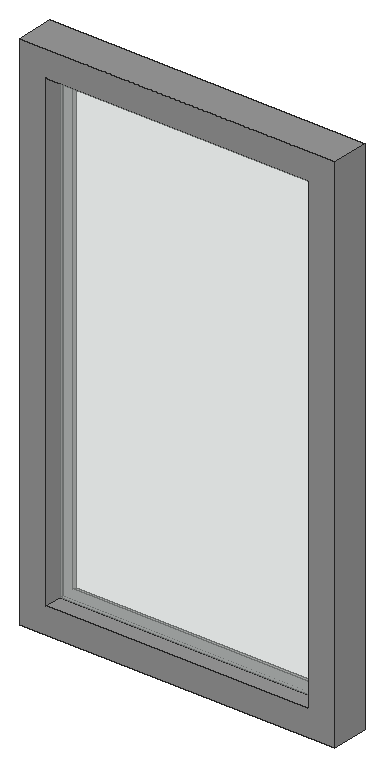
Revit family "2019_ES_Ventana_Qsystems_Q77+_1-Hoja_Fija", category Windows, host Wall, Revit 2019
Family settings
  Host = Wall
  OmniClass Number = 23.30.20.00
  OmniClass Title = Windows
  Always vertical = Yes
  Cut with Voids When Loaded = No
  Shared = No
  Room Calculation Point = No
Parameters (values of type "600x1000 mm")
  𝑙𝑔 = 2800
  𝑈𝑤 = ((𝐴𝑔 * 𝑈𝑔) + (𝐴𝑓 * 𝑈𝑓) + ((𝑙𝑔 * Y𝑔) * 1000)) / (𝐴𝑔 + 𝐴𝑓)  # 2.8456
  𝑈𝑔 = 1.9  # constant formula
  𝑈𝑓 = 3.629  # constant formula
  𝐴𝑔 = 450000
  𝐴𝑓 = 150000
  Y𝑔 = 0.11  # constant formula
  VidaUtilEsperada = ""
  Version Estandar GDO-BIM = "GDO-BIM V02"  # constant formula
  Version = "RVT2019"  # constant formula
  UnidadMedicion = ""
  UnidadMantenimiento = ""
  Unidad = ""
  Uniclass2.0Titulo = "Door and window systems"  # constant formula
  Uniclass2.0Codigo = "25-30"  # constant formula
  URLProducto = "https://qsystemsaluminio.com/q77-plus/"
  URL de Declaracion de Prestaciones = ""
  URL Poliamida - Catálogo = "http://www.technoform.com/fileadmin/Technoform_Bautec/standardprofiles.html"
  URL Poliamida = "http://www.technoform.es/"
  URL Perfil BIM = "https://bimetica.com/es/objeto-bim-ventana-q-systems-q77+-1-hoja-fija-2662.html"
  URL = "http://www.alueuropa.com/"
  UNSPSCTitulo = "Windows"  # constant formula
  UNSPSCCodigo = "30171600"  # constant formula
  TransmitanciaTermica = 0.0000 W/(m²·K)
  Transmitancia termica = 0.0000 W/(m²·K)
  TrabajoMantenimiento = ""
  Titular = "Alueuropa S.A."  # constant formula
  TipoEmbalajeProteccion = ""
  TiempoMedioEntreFallos = ""
  TelefonoContacto = "+34 91 895 58 00"  # constant formula
  Serie = "Q77+"  # constant formula
  SalidaEmergencia = no
  Responsable Compra = ""
  ResistenciaFuego = ""
  ResistenciaAlViento = "Clase C5"  # constant formula
  ResiduosPeligrososPorUnidad = 0
  ResiduosPeligrosos = 0
  ResiduosNoPeligrososPorUnidad = 0
  ResiduosNoPeligrosos = 0
  ResiduoRadioactivoPorUnidad = 0
  ResiduoRadioactivo = 0
  ResiduoInertePorUnidad = 0
  ResiduoInerte = 0
  RepisaInterior = yes
  RepisaExterior = yes
  ReferenciaUnidadFuncional = ""
  ReferenciaLote = ""
  ReferenciaContacto = "QSystems"
  Referencia Contacto Comercial Venta = "QSystems"
  Referencia = "Q77+"  # constant formula
  PuntoDeContacto = "QSystems"
  Profundidad = 0.00 mm
  Poliamida = Technoform polyamide
  Plataforma descaga contenido BIM = "www.bimetica.com"
  Peso = 0.00 kg
  PermeabilidadAlAire = "Clase 4"  # constant formula
  PeriodoGarantia = ""
  Perimetro = (Width / 1.00 mm * 2) + (Height / 1.00 mm * 2)  # 3200
  Partida URL = ""
  Pais de Venta = ""
  Operation = "Fija"  # constant formula
  OmniclassTitulo = "Windows"  # constant formula
  OmniclassCodigo = "23-17 13 00"  # constant formula
  NumeroSerie = ""
  NumeroArticuloGlobalComercial = ""
  NumeroArticulo = ""
  Numero de Licencia = "XXX-XXXX9536"  # constant formula
  Numero de Declaracion de Prestaciones = ""
  NormativaMantenimiento = ""
  NivelSeguridad = ""
  Motorizada = no
  Model = "Q77+"  # constant formula
  MaterialEnvase = ""
  MaterialContenedor = ""
  MasterformatTitulo = "Aluminium Windows"  # constant formula
  MasterformatCodigo = "08 51 13"  # constant formula
  Marco = Aluminio Anodizado, lacado
  Marcado CE = no
  LugarEnsamblaje = ""
  Intercalario = ""
  InstruccionesEspeciales = ""
  InformacionTecnica = "http://www.alueuropa.com/products/"
  Infiltracion = 0
  IfcExportType = "Hoja Fija"  # constant formula
  IfcExportAs = "IfcWindow"  # constant formula
  IdentificadorGarantia = ""
  Historial = "(RVT2019) Actualziación a estándar GDO-BIM y datos. (RVT2015) Creación del Elemento."  # constant formula
  Gubimclass Titulo = "Ventanas de fachadas"  # constant formula
  Gubimclass Codigo = "30.10.20.10"  # constant formula
  GrosorMinimoAcristalamiento = 0.00 mm
  GrosorMaximoAcristalamiento = 0.00 mm
  GrosorMarco = 70.00 mm  # constant formula
  GarantiaExtendida = ""
  Fuente Datos LCA = ""
  FrecuenciaMantenimiento = ""
  Fraccion de area de acristalamiento = ((Altura Real / 1.00 mm) - (GrosorMarco / 1.00 mm * 2)) * ((Anchura Real / 1.00 mm) - ((GrosorMarco / 1.00 mm) * 2)) / ((Altura Real / 1.00 mm) * (Anchura Real / 1.00 mm))  # 0.65933
  FormacionFotoquimicaOzonoPorUnidad = 0
  FormacionFotoquimicaOzono = 0
  FechaVencimientoElementoBIM = "03/12/2022"  # constant formula
  FechaInstalacion = ""
  FechaInicioGarantia = ""
  FechaFinGarantia = ""
  FechaEvaluacion = ""
  FechaEmisionElementoBIM = "03/12/2021"  # constant formula
  FechaCompra = ""
  Fecha Suministro = ""
  Fecha Colocacion = ""
  FaseCicloVida = ""
  FaltaDeRecursosPorUnidad = 0
  FaltaDeRecursos = 0
  FactorSombra = 0
  FactorSolarModificado = 0
  Manufacturer = "QSystems"  # constant formula
  Exclusiones = ""
  EutrofizacionPorUnidad = 0
  Eutrofizacion = 0
  EtiquetaModelo = ""
  EstanqueidadAgua = "E1650"  # constant formula
  Estado = ""
  Espuma = ""
  EnergiaRenovableConsumidaPorUnidad = 0
  EnergiaRenovableConsumida = 0
  EnergiaPrimariaTotalConsumidaPorUnidad = 0
  EnergiaPrimariaTotalConsumida = 0
  EnergiaNoRenovableConsumidaPorUnidad = 0
  EnergiaNoRenovableConsumida = 0
  Energia consumida = 0
  EmisionCO2 = 0
  EmailContacto = "info@qsystemsaluminio.com"  # constant formula
  DuracionVidaUtil = ""
  Detalle Perfileria = yes
  DestruccionCapaOzonoEstratosfericaPorUnidad = 0
  DestruccionCapaOzonoEstratosferica = 0
  DesfaseInterior [instance] = 0.00 mm
  DesfaseExterior [instance] = 0.00 mm
  Desfase Acristalamiento = 5.25 mm  # constant formula
  Description = "Ventana Fija"  # constant formula
  DescripcionEvaluacion = ""
  Declaracion Ambiental de Producto URL = ""
  Creditos LEED = ""
  Creditos BREEAM = ""
  CosteMantenimiento = 0
  CosteEnergeticoMj = 0 J
  CosteEnergeticoKwh = 0
  ControlHumos = no
  ContenidoGarantia = ""
  Contacto = "QSystems"
  ConfiguracionPoliamidas = "273800 - 493700"  # constant formula
  CondicionesMantenimiento = ""
  CondicionesGeneralesDeContratacion = ""
  CondicionesEvaluacion = ""
  Type Comments = "Sistema de Ventana Q77  Fija"  # constant formula
  Condiciones de Venta = ""
  CodigoBarras = ""
  Codigo = ""
  Clasificacion de carga mecanica = ""
  Clasificacion acustica = "45 (-2,-6) dB"  # constant formula
  CertificadoMantenimiento = ""
  CerramientoExterior = yes
  Catálogo (URL) = "https://qsystemsaluminio.com//wp-content/uploads/2021/05/Q77.pdf"
  CambioClimaticoPorUnidad = 0
  CambioClimatico = 0
  COBieCategoria = "IfcWindow"
  Rough Width = Altura Real + 5.00 mm  # 1005.00 mm
  Base Precio Producto 03 = ""
  Base Precio Producto 02 = ""
  Base Precio Producto 01 = ""
  BIMsupport = "https://bimsupport.info/es/fabricantes/alueuropa-q-systems-bim/"
  Anchura Real = if(Width > Anchura Maxima, Anchura Maxima, Width)  # 600.00 mm
  Anchura Máxima = 5000.00 mm  # constant formula
  Rough Height = Anchura Real + 5.00 mm  # 605.00 mm
  Anchura Minima = 100.00 mm  # constant formula
  Anchura Maxima = 1700.00 mm  # constant formula
  AnchoPoliamidaMarco = 30.00 mm  # constant formula
  AnchoPoliamidaHoja = 30.00 mm  # constant formula
  Analytic Construction = "<None>"
  Altura minima = 600.00 mm  # constant formula
  Altura maxima = 2500.00 mm  # constant formula
  Altura Real = if(Height > Altura maxima, Altura maxima, Height)  # 1000.00 mm
  Altura Máxima = 5000.00 mm  # constant formula
  GrosorAcristalamiento = 32.00 mm  # constant formula
  Height = 1000.00 mm
  AñoProduccion = ""
  Autor = "Bimetica Parametric Design Services, S.L."  # constant formula
  Area = (Width * Height)  # 600000.00 mm²
  Altura de antepecho por defecto = 800.00 mm
  Wall Closure = By host
  Width = 600.00 mm
  AguaConsumidaPorUnidad = 0
  AguaConsumida = 0
  Acristalamiento = Cristal - Vidrio claro templado
  AcidificacionAtmosfericaPorUnidad = 0
  AcidificacionAtmosferica = 0
  Acabado = "Anodizado, lacado y acabados"  # constant formula
Reference planes
  plane 1 "Centro (Frontal/Posterior)": y = 451.549
  plane 2 "Centro (Izquierda/Derecha)": x = 0
  plane 3 "Izquierda": x = -300
  plane 4 "Derecha": x = 300
  plane 5 "Antepecho": z = 800
  plane 6 "Extremo inicial": z = 1800
  plane 7 "Exterior": y = 521.549
  plane 8 "Interior": y = 521.549
  plane 9 "Media Altura": z = 1300
Forms (mm)
  Sweep 1, solid, material "Aluminio Anodizado, lacado" <- "Marco"
    path origin (0, 521.549, 0) x (1, 0, 0) y (0, 0, 1)
      loop
        line (300, 800) -> (300, 1800) -> (-300, 1800) -> (-300, 800) -> (300, 800)
    profile origin (300, 521.549, 1300) x (-1, 0, 0) y (0, -1, 0)
      loop
        line (0, 70) -> (0, 0) -> (49.304, 0) -> (49.304, 5.25) -> (27.196, 5.25) -> (27.196, 37.25) -> (49.3, 37.25) -> (49.3, 70) -> (0, 70)
  Extrusion 2, solid, material "Cristal - Vidrio claro templado" <- "Acristalamiento"
    sketch origin (0, 521.549, 0) x (1, 0, 0) y (0, 0, 1)
      loop
        line (267.704, 1767.706) -> (-267.622, 1767.706) -> (-267.622, 832.29) -> (267.704, 832.29) -> (267.704, 1767.706)
    from 37.25 to 5.25
Lines and regions (mm)
  Opening 1
    outline origin (-5187.24, 321.549, 0) x (1, 0, 0) y (0, 0, 1)
      loop
        line (5487.24, 800) -> (5487.24, 1800) -> (4887.24, 1800) -> (4887.24, 800) -> (5487.24, 800)
  symbolic lines, style "WindowsGlassProjection", detail levels fine
    curve 1: line (-267.622, 508.236, 1300) -> (267.704, 508.236, 1300)
    curve 2: line (-267.622, 490.299, 1300) -> (267.704, 490.299, 1300)
    curve 3: line (300, 508.299, 1767.706) -> (300, 508.299, 832.29)
    curve 4: line (300, 490.299, 1767.706) -> (300, 490.299, 832.29)
Text (mm)
  text "EXTERIOR" at (-1963.203, 1332.353, 0), in view "Nivel de referencia"
  text "INTERIOR" at (-1981.466, -818.386, 0), in view "Nivel de referencia"
  text "Exterior" at (0, 923.751, 3114.851), in view "Derecha"
  text "Exterior" at (0, 1040.484, 2685.409), in view "Izquierda"
Dimensions and locks
  equal spacing: plane 3 "Izquierda", plane 2 "Centro (Izquierda/Derecha)", plane 4 "Derecha"
  "Width": plane 3 "Izquierda" to plane 4 "Derecha"
  "Height": plane 5 "Antepecho" to plane 6 "Extremo inicial"
  "Altura de antepecho por defecto": plane 5 "Antepecho" to level
  "DesfaseExterior": host wall to plane 7 "Exterior"
  "DesfaseInterior": plane 8 "Interior" to plane 7 "Exterior"
  "GrosorMarco": plane 1 "Centro (Frontal/Posterior)" to plane 8 "Interior"
  "GrosorAcristalamiento": Sweep 1 sketch curve to Sweep 1 sketch curve
  "Desfase Acristalamiento": Sweep 1 sketch curve to plane 8 "Interior"
  locked: Sweep 1 sketch curve to plane 4 "Derecha" at 49.304
  locked: Sweep 1 to Extrusion 2 sketch curve at 17.007
  locked: Sweep 1 to Extrusion 2 sketch curve at 17.01
  locked: Sweep 1 to Extrusion 2 sketch curve at 16.925
  locked: Extrusion 2 sketch curve to Sweep 1 at 17.014
  "GrosorAcristalamiento": Extrusion 2 to Extrusion 2
  "Desfase Acristalamiento": plane 8 "Interior" to Extrusion 2
  equal spacing: plane 5 "Antepecho", plane 9 "Media Altura", plane 6 "Extremo inicial"
  equal spacing: Extrusion 2, curve 1, curve 2
  locked: Sweep 1 sketch curve to plane 4 "Derecha" at 27.196
  locked: Extrusion 2 to curve 1 at 8.063
  locked: Extrusion 2 to curve 2 at 6
  locked: curve 3 to Sweep 1 at 8
  locked: Sweep 1 to curve 4 at 6
  aligned and locked: plane 6 "Extremo inicial" to Opening 1 sketch curve
  aligned and locked: Opening 1 sketch curve to plane 5 "Antepecho"
  aligned and locked: plane 4 "Derecha" to Opening 1 sketch curve
  aligned and locked: Opening 1 sketch curve to plane 3 "Izquierda"
  aligned and locked: plane 6 "Extremo inicial" to Sweep 1 sketch curve
  aligned and locked: Sweep 1 sketch curve to plane 5 "Antepecho"
  aligned and locked: Sweep 1 sketch curve to plane 3 "Izquierda"
  aligned and locked: plane 4 "Derecha" to Sweep 1 sketch curve
  aligned and locked: plane 1 "Centro (Frontal/Posterior)" to Sweep 1 sketch curve
  aligned and locked: Sweep 1 sketch curve to plane 4 "Derecha"
  aligned and locked: Sweep 1 sketch curve to profile plane
  aligned and locked: Extrusion 2 to curve 1  (x2)
  aligned and locked: plane 1 "Centro (Frontal/Posterior)" to nested 1
  aligned and locked: nested 1 to plane 3 "Izquierda"
  aligned and locked: nested 2 to plane 4 "Derecha"
  aligned and locked: nested 2 to plane 1 "Centro (Frontal/Posterior)"
  aligned and locked: nested 3 to plane 6 "Extremo inicial"
  aligned and locked: nested 3 to plane 1 "Centro (Frontal/Posterior)"
  aligned and locked: nested 4 to plane 5 "Antepecho"
  aligned and locked: plane 1 "Centro (Frontal/Posterior)" to nested 4
  aligned and locked: Extrusion 2 to curve 2  (x2)
  aligned and locked: Extrusion 2 to curve 3  (x2)
  aligned and locked: Extrusion 2 to curve 4  (x2)
Automatic sketch dimensions
  Sweep 1 sketch curve to Sweep 1 sketch curve = 22.104 mm
Nested families
  nested 1: "Q77_Detalle-Carpintería-Fija" at (-300, 451.549, 800), visible <- "Detalle Perfileria", type "Marco y Hoja Fija", detail levels medium+fine
  nested 2: "Q77_Detalle-Carpintería-Fija" at (300, 451.549, 800) x (-1, 0, 0) z (0, 0, 1), visible <- "Detalle Perfileria", type "Marco y Hoja Fija", detail levels medium+fine
  nested 3: "Q77_Detalle-Carpintería-Fija" at (300, 451.549, 1800) x (0, 0, -1) z (-1, 0, 0), visible <- "Detalle Perfileria", type "Marco y Hoja Fija", detail levels medium+fine
  nested 4: "Q77_Detalle-Carpintería-Fija" at (300, 451.549, 800) x (0, 0, 1) z (-1, 0, 0), visible <- "Detalle Perfileria", type "Marco y Hoja Fija", detail levels medium+fine
Definition of nested family "Q77_Detalle-Carpintería-Fija"
  Parameters (values of type "Marco y Hoja Fija")
    URL = "http://www.alueuropa.com/"
    Model = "Q77"  # constant formula
    Marco y Hoja Fija = yes
    FechaVencimientoElementoBIM = "01/01/2017"  # constant formula
    FechaEmisionElementoBIM = "23/08/2016"  # constant formula
    Manufacturer = "Alueuropa S.A."  # constant formula
    Description = "Detalle carpintería Q77_Marco y Hoja Fija"
    Bimetica = "http://www.bimetica.com"
    Autor = "Bimetica Parametric Design Services, S.L."  # constant formula
  Reference planes
    plane 1 "Centro (Frontal/Posterior)": y = 0
    plane 2: z = 0
    plane 3 "Centro (Izquierda/Derecha)": x = 0
  Lines and regions (mm)
    Masking region 1, in view "Nivel de referencia", visible <- "Marco y Hoja Fija"
      outline origin (0, 0, 0) x (1, 0, 0) y (0, 1, 0)
        loop
          line (0, 0) -> (48.799, 0)
          arc (48.799, 0) -> (49.153, 0.146) -> (49.3, 0.5) r 0.5
          line (49.3, 0.5) -> (49.3, 28.979) -> (50.406, 28.979) -> (51.763, 32.337) -> (26.966, 32.337) -> (26.966, 65.347) -> (51.27, 65.347)
          arc (51.27, 65.347) -> (50.65, 66.679) -> (50.096, 68.039) r 30.071
          line (50.096, 68.039) -> (49.304, 68.039) -> (49.3, 69.5)
          arc (49.3, 69.5) -> (49.154, 69.854) -> (48.8, 70) r 0.5
          line (48.8, 70) -> (0, 70) -> (0, 0)
  Dimensions and locks
    aligned and locked: import instance to plane 3 "Centro (Izquierda/Derecha)"
    aligned and locked: plane 1 "Centro (Frontal/Posterior)" to import instance
